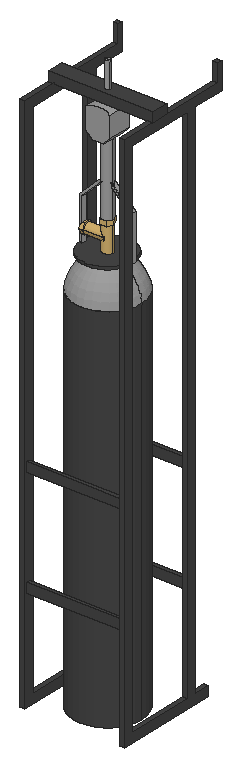
Revit family "Cilindro autonomo CO2 con pesaje continuo_Aguilera Extincion", category Equipos especializados, Revit 2017
Family settings
  Anfitrión = Suelo
  Cota de conector redondo = Radio de uso
  Tipo de pieza = Normal
  Número OmniClass = 23.65.20.14.24
  Título OmniClass = Other Gas Storage Vessels
  Siempre vertical = Sí
  Corte con vacíos al cargar = No
  Compartido = No
  Punto de cálculo de habitación = No
Parameters (values of type "Cilindro autónomo CO2 con pesaje continuo - 80 l")
  URL = "https://aguilera.es/?productos=botellas-autonomas-de-4-7-a-80-l-con-pesaje-continuo-para-co2"
  Símbolo texto = yes
  Símbolo = yes
  R3 = R2 * 0.2  # 21.9 mm
  R2 = R * 0.75  # 109.5 mm
  R = Diámetro / 2  # 146 mm
  Modelo = "AEX/SBP180"
  L2 = 440 mm
  L1 = Diámetro * 1.75  # 511 mm
  Ht = 2337 mm
  Soporte individual = yes
  Hd = 1777 mm
  Hc2 = Hb / 2  # 913.5 mm
  Hc1 = Hb / 4  # 456.75 mm
  Ht1 = Ht - 40 mm  # 2297 mm
  Fabricante = "Aguilera Extinción"  # constant formula
  Descripción = "Cilindro de alta presión, fabricado en acero aleado tratado térmicamente sin soldadura, (según instrucción MIE AP7 de aparatos a presión y Directiva Europea 84/525/CEE). Presión de trabajo 60 bar, presión de prueba 250 bar, temperatura de servicio de -20ºC a +50ºC. Grabados y pintados según normativa."  # constant formula
  Diámetro = 292 mm
  Hb = 1827 mm
  D2 = Diámetro + 70 mm  # 362 mm
  Comentarios de tipo = "Equipados con:\r\n\r\nVálvula principal AE-100 de 1” fabricada en latón forjado con pistón y eje de acero inoxidable. Provista con disco de seguridad y válvula de alivio para evitar el disparo en caso de pequeñas fugas.\r\nTubo sifón.\r\nSolenoide de disparo (alimentación 24V y 500mA de consumo)\r\nBrida.\r\nCaperuzo protector.\r\nEquipo microprocesado de pesaje continuo, donde el peso de cada cilindro se controla individualmente por un equipo analógico Mod. AEX/CPC. Unidad programable que detecta la perdida de peso desde 200 gramos formada básicamente por célula electrónica, microprocesador y display digital que refleja el peso permanentemente. Se suministra con tensor, que permite elevar la botella fácilmente, conectores con latiguillos montados para su conexión y resto de complementos.\r\nEnsamblados en bastidor metálico especial para pesaje continuo y colector de descarga con rosca de acoplamiento a la instalación.\r\nObservaciones:\r\n\r\nCada cilindro dispone de los correspondientes certificados emitidos por la Consejería de Industria y se encuentra a disposición de los clientes en nuestros archivos."  # constant formula
Types (5, lengths in mm): name | R3 | R2 | R | Modelo | L2 | L1 | Ht | Soporte individual | Hd | Hc2 | Hc1 | Ht1 | Diámetro | Hb | D2
  Cilindro autónomo CO2 con pesaje continuo - 6.7 l | 9.75 | 48.75 | 65 | "AEX/SBP16" | 410 | 227.5 | 1117 | no | 700 | 375 | 187.5 | 1077 | 130 | 750 | 200
  Cilindro autónomo CO2 con pesaje continuo - 13.4 l | 14.85 | 74.25 | 99 | "AEX/SBP113" | 410 | 346.5 | 1637 | no | 1100 | 575 | 287.5 | 1597 | 198 | 1150 | 268
  Cilindro autónomo CO2 con pesaje continuo - 26.8 l | 19.125 | 95.625 | 127.5 | "AEX/SBP126" | 410 | 446.25 | 1407 | no | 1000 | 525 | 262.5 | 1367 | 255 | 1050 | 325
  Cilindro autónomo CO2 con pesaje continuo - 67 l | 21.9 | 109.5 | 146 | "AEX/SBP167" | 440 | 511 | 2057 | no | 1600 | 825 | 412.5 | 2017 | 292 | 1650 | 362
  Cilindro autónomo CO2 con pesaje continuo - 80 l | 21.9 | 109.5 | 146 | "AEX/SBP180" | 440 | 511 | 2337 | yes | 1777 | 913.5 | 456.75 | 2297 | 292 | 1827 | 362
Reference planes
  plane 1 "Centro (Frontal/Posterior)": y = 0
  plane 2: z = 0
  plane 3 "Centro (Izquierda/Derecha)": x = 0
  plane 4: z = 456.75
  plane 5: z = 913.5
  plane 6: z = 1572
  plane 7: z = 1710.58
  plane 8: z = 1777
  plane 9: z = 1827
  plane 10: x = -146
  plane 11: x = 146
  plane 12: z = 2337
  plane 13: x = -220
  plane 14: x = 220
  plane 15: z = 2297
  plane 16: y = -166
  plane 17: y = -181
  plane 18: z = 933.5
  plane 19: z = 893.5
  plane 20: z = 476.75
  plane 21: z = 436.75
  plane 22: y = -141
  plane 23: x = 200
  plane 24: x = -200
  plane 25: y = 166
  plane 26: y = 181
Forms (mm)
  Extrusion 1, solid, material "Acero negro"
    sketch origin (0, 0, 0) x (1, 0, 0) y (0, 1, 0)
      loop
        circle (0, 0) r 146
    from 0 to 1572
  Extrusion 2, solid, material "Brass"
    sketch origin (-745.59, -6000, 1710.58) x (-1, 0, 0) y (0, -1, 0)
      loop
        circle (-745.59, -6000) r 21.9
    from 0 to 116.42
  Extrusion 3, solid, material "Brass", detail levels fine
    sketch origin (-8.75, 0, 0) x (0, 1, 0) y (0, 0, 1)
      loop
        line (13.01, 1799.534) -> (-13.01, 1799.534) -> (-26.02, 1777) -> (-13.01, 1754.466) -> (13.01, 1754.466) -> (26.02, 1777) -> (13.01, 1799.534)
    from -76.574 to -90.75
  Extrusion 4, solid, material "Brass", detail levels fine
    sketch origin (-99.5, 0, 0) x (0, -1, 0) y (0, 0, 1)
      loop
        circle (0, 1777) r 21.9
    from -99.5 to -14.176
  Revolve 5, solid, material "Acero gris"
    sketch origin (0, 0, 0) x (1, 0, 0) y (0, 0, 1)
      loop
        line (-146, 1572) -> (0, 1572) -> (0, 1710.58) -> (-40, 1710.58)
        arc (-40, 1710.58) -> (-112.105, 1655.903) -> (-146, 1572) r 170.221
      axis (0, 1710.58) -> (0, 1572)
    angle from 0 to 360
  Extrusion 6, solid, material "Brass", detail levels fine
    sketch origin (-745.59, -6000, 1827) x (-1, 0, 0) y (0, -1, 0)
      loop
        line (-731.103, -6024.486) -> (-717.13, -5999.716) -> (-731.594, -5975.23) -> (-760.032, -5975.514) -> (-773.633, -5999.624) -> (-759.279, -6024.486) -> (-731.103, -6024.486)
    from 0 to 20
  Extrusion 7, solid, material "Acero negro", detail levels fine
    sketch origin (-745.59, -6000, 1710.58) x (-1, 0, 0) y (0, -1, 0)
      loop
        circle (-745.59, -5998.341) r 109.5
    from 0 to 10
  Extrusion 8, solid, material "Acero negro", visible <- "Soporte individual", detail levels medium+fine
    sketch origin (-220, -6000, 1804.934) x (0, 0, 1) y (0, -1, 0)
      loop
        line (492.066, -5964) -> (492.066, -6036) -> (532.066, -6036) -> (532.066, -5964) -> (492.066, -5964)
    from 0 to 440
  Extrusion 9, solid, material "Acero negro", visible <- "Soporte individual", detail levels medium+fine
    sketch origin (-220, 6000, 1804.934) x (0, 0, 1) y (0, -1, 0)
      loop
        line (-911.434, 6166) -> (-871.434, 6166) -> (-871.434, 6181) -> (-911.434, 6181) -> (-911.434, 6166)
    from 20 to 420
  Extrusion 10, solid, material "Acero negro", visible <- "Soporte individual", detail levels medium+fine
    sketch origin (-220, 6000, 1348.184) x (0, 0, 1) y (0, -1, 0)
      loop
        line (-911.434, 6166) -> (-871.434, 6166) -> (-871.434, 6181) -> (-911.434, 6181) -> (-911.434, 6166)
    from 20 to 420
  Extrusion 11, solid, material "Acero negro", visible <- "Soporte individual", detail levels medium+fine
    sketch origin (-220, 6185, 1804.934) x (0, 0, 1) y (0, -1, 0)
      loop
        line (-911.434, 6004) -> (-871.434, 6004) -> (-871.434, 6019) -> (-911.434, 6019) -> (-911.434, 6004)
    from 20 to 420
  Extrusion 12, solid, material "Acero negro", visible <- "Soporte individual", detail levels medium+fine
    sketch origin (-220, 6185, 1348.184) x (0, 0, 1) y (0, -1, 0)
      loop
        line (-911.434, 6004) -> (-871.434, 6004) -> (-871.434, 6019) -> (-911.434, 6019) -> (-911.434, 6004)
    from 20 to 420
  Extrusion 13, solid, material "Acero gris", detail levels fine
    sketch origin (0, 0, 0) x (1, 0, 0) y (0, 0, 1)
      loop
        line (-109.5, 1710.58) -> (-99.5, 1710.58) -> (-99.5, 1896.44) -> (0, 1995.94) -> (99.5, 1896.44) -> (99.5, 1710.58) -> (109.5, 1710.58) -> (109.5, 1900.598) -> (0, 2010.089) -> (-109.5, 1900.58) -> (-109.5, 1710.58)
    from -10 to 10
  Revolve 14, solid, material "Acero gris", detail levels fine
    sketch origin (0, 0, 0) x (1, 0, 0) y (0, 0, 1)
      loop
        line (-0.458, 1847) -> (-0.458, 2151.932) -> (-22.358, 2151.932) -> (-22.358, 1847) -> (-0.458, 1847)
      axis (0, 1847) -> (0, 2151.932)
    angle from 0 to 360
  Extrusion 15, solid, material "Acero gris", detail levels fine
    sketch origin (0, 0, 0) x (1, 0, 0) y (0, 0, 1)
      loop
        line (-22.358, 2151.932) -> (22.358, 2151.932) -> (50.643, 2180.216) -> (50.643, 2270.216)
        arc (50.643, 2270.216) -> (0, 2284.288) -> (-50.643, 2270.216) r 98.162
        line (-50.643, 2270.216) -> (-50.643, 2180.216) -> (-22.358, 2151.932)
    from -50 to 50
  Revolve 16, solid, material "Acero gris", detail levels fine
    sketch origin (0, 0, 0) x (1, 0, 0) y (0, 0, 1)
      loop
        line (0, 2212.562) -> (0, 2443) -> (-10, 2443) -> (-10, 2212.562) -> (0, 2212.562)
      axis (0, 2212.562) -> (0, 2443)
    angle from 0 to 360
Lines and regions (mm)
  symbolic lines, style "SpecialityEquipment"
    curve 1: line (0, 240, 0) -> (0, 247, 0)
    curve 2: line (-25, 287, 0) -> (25, 287, 0)
    curve 3: circle (0, 287, 0) r 15 normal (0, 0, 1)
Dimensions and locks
  "Hc1": plane 4 to plane 2
  "Hc2": plane 5 to plane 2
  "Hd": plane 8 to plane 2
  "Hb": plane 9 to plane 2
  equal spacing: plane 10, plane 3 "Centro (Izquierda/Derecha)", plane 11
  "Diámetro": plane 10 to plane 11
  locked: plane 8 to plane 7 at 66.42
  locked: plane 8 to plane 6 at 205
  "Ht": plane 12 to plane 2
  equal spacing: plane 14, plane 3 "Centro (Izquierda/Derecha)", plane 13
  "L2": plane 14 to plane 13
  locked: plane 12 to plane 15 at 40
  locked: plane 17 to plane 16 at 15
  equal spacing: Extrusion 8 sketch curve, plane 1 "Centro (Frontal/Posterior)", Extrusion 8 sketch curve
  equal spacing: plane 18, plane 5, plane 19
  equal spacing: plane 20, plane 4, plane 21
  locked: plane 18 to plane 19 at 40
  locked: plane 20 to plane 21 at 40
  locked: plane 17 to plane 22 at 40
  locked: plane 23 to plane 14 at 20
  locked: plane 13 to plane 24 at 20
  locked: plane 26 to plane 25 at 15
  "D2": plane 26 to plane 17
  equal spacing: plane 26, plane 1 "Centro (Frontal/Posterior)", plane 17
  Extrusion 8 sketch curve to Extrusion 8 sketch curve = 72 mm
  locked: Extrusion 13 sketch curve to Extrusion 13 sketch curve at 10  (x2)
  "R2": Extrusion 13 sketch curve to plane 3 "Centro (Izquierda/Derecha)"
  "R3": Revolve 14 sketch curve to Revolve 14 sketch curve
  locked: Revolve 16 sketch curve to Extrusion 8 at 106
  "Diámetro": diameter of Extrusion 1 sketch curve
  "R2": radius of Extrusion 7 sketch curve
  "R3": radius of Extrusion 2 sketch curve
  "R3": radius of Extrusion 4 sketch curve
  aligned and locked: level to plane 2
  aligned and locked: plane 6 to Extrusion 1
  aligned and locked: plane 9 to Extrusion 2
  aligned and locked: Extrusion 2 to plane 7
  aligned and locked: plane 3 "Centro (Izquierda/Derecha)" to Extrusion 4
  aligned and locked: Revolve 5 sketch curve to plane 3 "Centro (Izquierda/Derecha)"  (x2)
  aligned and locked: Revolve 5 sketch curve to plane 6
  aligned and locked: plane 7 to Revolve 5 sketch curve
  aligned and locked: Extrusion 8 sketch curve to plane 15
  aligned and locked: plane 12 to Extrusion 8 sketch curve
  aligned and locked: plane 14 to Extrusion 8
  aligned and locked: plane 18 to Extrusion 9
  aligned and locked: plane 19 to Extrusion 9
  aligned and locked: plane 23 to nested 3
  aligned and locked: nested 3 to Extrusion 9
  aligned and locked: Extrusion 9 to Extrusion 10
  aligned and locked: plane 13 to nested 2
  aligned and locked: plane 23 to Extrusion 9
  aligned and locked: Extrusion 9 to nested 2
  aligned and locked: Extrusion 10 to Extrusion 9
  aligned and locked: Extrusion 10 to nested 2
  aligned and locked: Extrusion 11 to Extrusion 12
  aligned and locked: Extrusion 12 to Extrusion 11
  aligned and locked: Extrusion 11 to nested 2
  aligned and locked: Extrusion 11 to plane 25
  aligned and locked: plane 26 to Extrusion 11
  aligned and locked: Extrusion 9 to Extrusion 11
  aligned and locked: Extrusion 12 to nested 2
  aligned and locked: Extrusion 12 to plane 25
  aligned and locked: plane 26 to Extrusion 12
  aligned and locked: nested 3 to Extrusion 12
  aligned and locked: Extrusion 13 sketch curve to Extrusion 7
  aligned and locked: Extrusion 13 sketch curve to plane 7
  aligned and locked: plane 7 to Extrusion 13 sketch curve
  aligned and locked: Extrusion 6 to Revolve 14 sketch curve
  aligned and locked: plane 3 "Centro (Izquierda/Derecha)" to Revolve 14 sketch curve
  aligned and locked: Extrusion 3 to Extrusion 13
  aligned and locked: Extrusion 3 to Extrusion 4
  aligned and locked: Extrusion 15 sketch curve to Revolve 14
  aligned and locked: Revolve 16 sketch curve to plane 3 "Centro (Izquierda/Derecha)"
  aligned and locked: plane 3 "Centro (Izquierda/Derecha)" to Revolve 16 sketch curve
Automatic sketch dimensions
  Extrusion 3 sketch curve to plane 8 = 0 mm  (x2)
  plane 1 "Centro (Frontal/Posterior)" to Extrusion 3 sketch curve = 26.02 mm
  plane 1 "Centro (Frontal/Posterior)" to Extrusion 3 sketch curve = 13.01 mm  (x2)
  Extrusion 3 sketch curve to plane 1 "Centro (Frontal/Posterior)" = 13.01 mm  (x2)
  Extrusion 3 sketch curve to Extrusion 3 sketch curve = 13.01 mm
  Extrusion 3 sketch curve to plane 8 = 22.534 mm
  plane 8 to Extrusion 3 sketch curve = 22.534 mm
  Extrusion 10 sketch curve to plane 17 = 0 mm
  plane 21 to Extrusion 10 sketch curve = 0 mm
  Extrusion 10 sketch curve to plane 16 = 0 mm
  Extrusion 10 sketch curve to plane 20 = 0 mm
  curve 1 to plane 3 "Centro (Izquierda/Derecha)" = 0 mm
  curve 3 to plane 3 "Centro (Izquierda/Derecha)" = 0 mm
  plane 26 to curve 3 = 106 mm
  curve 2 to plane 3 "Centro (Izquierda/Derecha)" = 25 mm
  plane 3 "Centro (Izquierda/Derecha)" to curve 2 = 25 mm
  curve 3 to curve 2 = 0 mm
  curve 1 to curve 3 = 40 mm
  curve 1 to curve 1 = 7 mm
  plane 1 "Centro (Frontal/Posterior)" to Extrusion 6 sketch curve = 0.376 mm
  plane 3 "Centro (Izquierda/Derecha)" to Extrusion 6 sketch curve = 28.043 mm
  plane 3 "Centro (Izquierda/Derecha)" to Extrusion 6 sketch curve = 14.443 mm
  plane 3 "Centro (Izquierda/Derecha)" to Extrusion 6 sketch curve = 13.689 mm
  Extrusion 6 sketch curve to plane 3 "Centro (Izquierda/Derecha)" = 13.995 mm
  Extrusion 6 sketch curve to plane 3 "Centro (Izquierda/Derecha)" = 14.487 mm
  plane 1 "Centro (Frontal/Posterior)" to Extrusion 6 sketch curve = 0.284 mm
  Extrusion 6 sketch curve to Extrusion 6 sketch curve = 13.973 mm
  Extrusion 6 sketch curve to plane 1 "Centro (Frontal/Posterior)" = 24.486 mm
  plane 1 "Centro (Frontal/Posterior)" to Extrusion 6 sketch curve = 24.486 mm
  plane 1 "Centro (Frontal/Posterior)" to Extrusion 6 sketch curve = 24.77 mm
  Extrusion 9 sketch curve to plane 17 = 0 mm
  plane 19 to Extrusion 9 sketch curve = 0 mm
  Extrusion 9 sketch curve to plane 16 = 0 mm
  Extrusion 9 sketch curve to plane 18 = 0 mm
  plane 19 to Extrusion 11 sketch curve = 0 mm
  Extrusion 11 sketch curve to plane 18 = 0 mm
  Extrusion 11 sketch curve to plane 26 = 0 mm
  Extrusion 11 sketch curve to plane 25 = 0 mm
  plane 21 to Extrusion 12 sketch curve = 0 mm
  Extrusion 12 sketch curve to plane 20 = 0 mm
  Extrusion 12 sketch curve to plane 26 = 0 mm
  Extrusion 12 sketch curve to plane 25 = 0 mm
  Extrusion 15 sketch curve to plane 3 "Centro (Izquierda/Derecha)" = 0 mm
  Extrusion 15 sketch curve to plane 3 "Centro (Izquierda/Derecha)" = 22.358 mm
  Extrusion 15 sketch curve to Extrusion 15 sketch curve = 28.284 mm  (x4)
  plane 3 "Centro (Izquierda/Derecha)" to Extrusion 15 sketch curve = 22.358 mm
  Extrusion 15 sketch curve to Extrusion 15 sketch curve = 34.194 mm
  Extrusion 15 sketch curve to Extrusion 15 sketch curve = 90 mm
  Revolve 16 sketch curve to plane 3 "Centro (Izquierda/Derecha)" = 10 mm
  Revolve 16 sketch curve to plane 15 = 84.438 mm
  Revolve 16 sketch curve to Revolve 16 sketch curve = 78.622 mm
  Revolve 16 sketch curve to Revolve 16 sketch curve = 230.94 mm
  plane 1 "Centro (Frontal/Posterior)" to Extrusion 1 sketch curve = 0 mm
  Extrusion 1 sketch curve to plane 3 "Centro (Izquierda/Derecha)" = 0 mm
  plane 1 "Centro (Frontal/Posterior)" to Extrusion 2 sketch curve = 0 mm
  Extrusion 2 sketch curve to plane 3 "Centro (Izquierda/Derecha)" = 0 mm
  Extrusion 4 sketch curve to Extrusion 3 = 22.534 mm  (x2)
  plane 10 to Revolve 5 sketch curve = 0 mm
  Revolve 5 sketch curve to plane 3 "Centro (Izquierda/Derecha)" = 40 mm
  Revolve 5 sketch curve to plane 6 = 19.514 mm
  Revolve 5 sketch curve to Revolve 5 sketch curve = 1.762 mm
  plane 9 to Revolve 5 sketch curve = 47 mm
  Extrusion 7 sketch curve to plane 3 "Centro (Izquierda/Derecha)" = 0 mm
  plane 1 "Centro (Frontal/Posterior)" to Extrusion 7 sketch curve = 1.659 mm
  Extrusion 13 sketch curve to plane 3 "Centro (Izquierda/Derecha)" = 0 mm  (x2)
  plane 9 to Extrusion 13 sketch curve = 69.44 mm  (x2)
  Extrusion 13 sketch curve to Extrusion 13 sketch curve = 4.139 mm
  Extrusion 13 sketch curve to Extrusion 13 sketch curve = 4.157 mm
  Revolve 14 sketch curve to plane 3 "Centro (Izquierda/Derecha)" = 0.458 mm
  Revolve 14 sketch curve to plane 15 = 145.068 mm
  plane 9 to Revolve 14 sketch curve = 10 mm
  Revolve 14 sketch curve to plane 15 = 52 mm
  radius of curve 3 = 15 mm
Nested families
  nested 1: "S_Cilindro_Aguilera Extinción" at (0, 0, 0), visible <- "Símbolo", type "S_Cilindro_Aguilera Extinción", detail levels coarse
  nested 2: "Soporte suelo - pesaje" at (-220, 0, 0), visible <- "Soporte individual", type "Soporte suelo - pesaje", detail levels medium+fine
    with L1 511 mm, Ht 2297 mm, D 292 mm
  nested 3: "Soporte suelo - pesaje" at (200, 0, 0), visible <- "Soporte individual", type "Soporte suelo - pesaje", detail levels medium+fine
    with L1 511 mm, Ht 2297 mm, D 292 mm
Definition of nested family "Soporte suelo - pesaje"
  Parameters (values of type "Soporte suelo - pesaje")
    L1 = 227.5 mm
    Ht = 1117 mm
    D = 130 mm
  Reference planes
    plane 1 "Centro (Frontal/Posterior)": y = 0
    plane 2: z = 0
    plane 3 "Centro (Izquierda/Derecha)": x = 0
    plane 4: z = 1117
    plane 5: y = -65
    plane 6: y = -105
    plane 7: z = 1077
    plane 8: z = 40
    plane 9: y = 105
    plane 10: y = 65
    plane 11: y = 122.5
    plane 12: y = 113.75
  Forms (mm)
    Extrusion 1, solid, detail levels medium+fine
      sketch origin (0, 0, 0) x (0, 1, 0) y (0, 0, 1)
        loop
          line (113.75, 0) -> (113.75, 40) -> (105, 40) -> (105, 1077) -> (122.5, 1077) -> (122.5, 1192) -> (102.5, 1192) -> (102.5, 1117) -> (-105, 1117) -> (-105, 0) -> (113.75, 0)
        loop
          line (65, 40) -> (65, 1077) -> (-65, 1077) -> (-65, 40) -> (65, 40)
      from 0 to 20
  Lines and regions (mm)
    symbolic lines
      curve 1: line (0, 142.5, 0) -> (0, 102.5, 0)
      curve 2: line (-25, 122.5, 0) -> (25, 122.5, 0)
      curve 3: circle (0, 122.5, 0) r 15 normal (0, 0, 1)
  Dimensions and locks
    "Ht": plane 4 to plane 2
    locked: plane 8 to plane 2 at 40
    locked: plane 4 to plane 7 at 40
    "D": plane 10 to plane 5
    locked: plane 9 to plane 10 at 40
    locked: plane 5 to plane 6 at 40
    equal spacing: plane 10, plane 1 "Centro (Frontal/Posterior)", plane 5
    "L1": plane 11 to plane 6
    equal spacing: plane 11, plane 12, plane 9
    aligned and locked: level to plane 2
    aligned and locked: level to Extrusion 1 sketch curve
    aligned and locked: Extrusion 1 sketch curve to plane 6
    aligned and locked: Extrusion 1 sketch curve to plane 4
    aligned and locked: Extrusion 1 sketch curve to plane 8  (x2)
    aligned and locked: plane 5 to Extrusion 1 sketch curve
    aligned and locked: plane 7 to Extrusion 1 sketch curve
    aligned and locked: Extrusion 1 sketch curve to plane 10
    aligned and locked: Extrusion 1 sketch curve to plane 9
    aligned and locked: Extrusion 1 sketch curve to plane 7
    aligned and locked: Extrusion 1 sketch curve to plane 11
    aligned and locked: plane 12 to Extrusion 1 sketch curve
  Automatic sketch dimensions
    curve 2 to plane 1 "Centro (Frontal/Posterior)" = 122.5 mm
    curve 3 to plane 1 "Centro (Frontal/Posterior)" = 122.5 mm
    curve 3 to plane 3 "Centro (Izquierda/Derecha)" = 0 mm
    curve 1 to curve 3 = 0 mm
    curve 2 to curve 3 = 25 mm
    curve 3 to curve 2 = 25 mm
    curve 1 to plane 1 "Centro (Frontal/Posterior)" = 102.5 mm
    curve 1 to plane 1 "Centro (Frontal/Posterior)" = 142.5 mm
    plane 11 to Extrusion 1 sketch curve = 20 mm
    plane 4 to Extrusion 1 sketch curve = 75 mm
    radius of curve 3 = 15 mm
Definition of nested family "S_Cilindro_Aguilera Extinción"
  Parameters (values of type "S_Cilindro_Aguilera Extinción")
    Texto símbolo = "Cilindros"
    Texto modelo = yes
    Modelo = "Cilindros"
  Reference planes
    plane 1: y = 0
    plane 2: x = 0
  Lines and regions (mm)
    detail lines
      curve 1: line (-1.703, -1.659, 0) -> (1.659, -1.659, 0)
      curve 2: line (-1.703, 1.659, 0) -> (-1.703, -1.659, 0)
      curve 3: line (1.659, 1.659, 0) -> (-1.703, 1.659, 0)
      curve 4: line (1.659, -1.659, 0) -> (1.659, 1.659, 0)
      curve 5: circle (0, 0, 0) r 1.659 normal (0, 0, 1)
  Text (mm)
    label "Texto símbolo" at (-0.164, 3.111, 0), shows "Texto símbolo"
    label "Modelo" at (-0.164, -2.652, 0), shows "Modelo", visible <- "Texto modelo"
